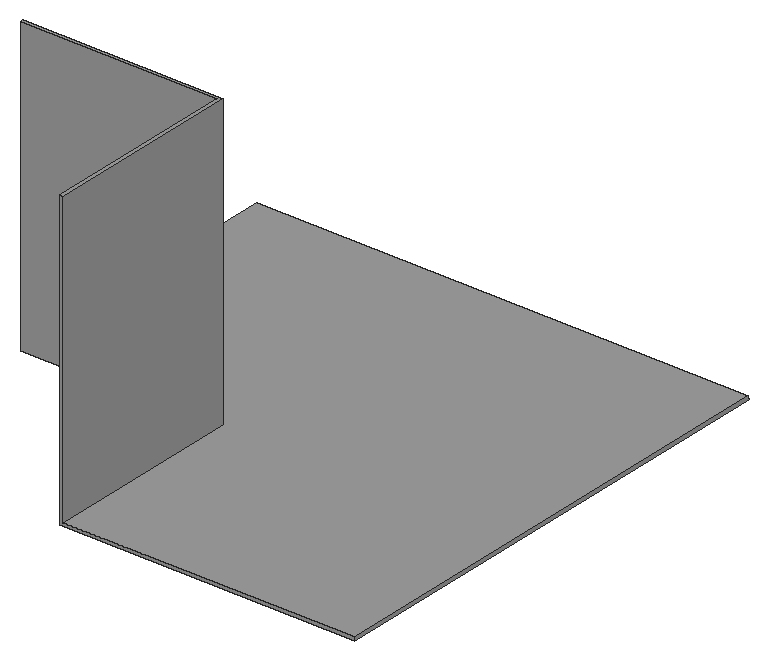
Revit family "Flashing_Preformed_Hyload_Outside90", category Generic Models, Revit 2014
Parameters (values of type "As Specified")
  Unit Width = 0' - 10"
  Unit Height = 0' - 6"
  Unit Depth = 0' - 6"
  URL = "http://www.hyload.com/"
  Thickness = 0' - 0 1/16"
  Specification = "http://www.arcat.com/sdspecs/htm04/07_65_00hyl.htm"
  Sales Information = "http://www.hyload.com/contact-us"
  Revision = "R1_12-2015"
  Product Properties = "http://www.hyload.com/masonry-flashing/preformed-shapes/"
  Product Data = "http://www.arcat.com/arcatcos/cos33/arc33176.html"
  Model = "Outside Corner (90)"
  Manufacturer Website = "http://www.hyload.com/"
  Manufacturer Phone - Toll Free = "800-457-4056"
  Manufacturer Phone = "330-769-3546"
  Manufacturer Fax = "330-769-4153"
  Manufacturer Address = "5020 Panther Pkwy., Seville, OH 44273"
  Manufacturer = "Hyload"
  Keynote = "07 65 00"
  Flashing Material = Hyload Flashing Membrane - Grey
  Drawn By = "Robert S. Weygant / Sumex Design"
  Description = "Preformed Hyload Masonry Flashing - Outside Corner (90)"
  Copyright = "(c) ARCAT, Inc, 2015"
  Construction Details = "http://www.arcat.com/details/hyload/hyload.html?coid=33176"
  Assembly Code = "B3010400"
Reference planes (in)
  plane 1 "Center (Front/Back)": y = 0
  plane 2: z = 0
  plane 3 "Center (Left/Right)": x = 0
  plane 4: y = 6
  plane 5: x = 6
  plane 6: z = 6
  plane 7: y = -4
  plane 8: x = -4
Forms (in)
  Sweep 1, solid, material "Hyload Flashing Membrane - Grey" <- "Flashing Material"
    path origin (0, 0, 0) x (1, 0, 0) y (0, 1, 0)
      loop
        line (0, -4) -> (0, 0) -> (-4, 0)
    profile origin (0, -2, 0) x (-1, 0, 0) y (0, 0, 1)
      loop
        line (0, 0) -> (0, 6) -> (-0.0625, 6) -> (-0.0625, 0.0625) -> (-6, 0.0625) -> (-6, 0) -> (0, 0)
Dimensions and locks (in)
  "Unit Depth": plane 1 "Center (Front/Back)" to plane 4
  "Unit Depth": plane 3 "Center (Left/Right)" to plane 5
  "Thickness": Sweep 1 sketch curve to plane 3 "Center (Left/Right)"
  "Thickness": Sweep 1 sketch curve to level
  "Unit Height": plane 6 to level
  "Unit Width": plane 8 to plane 5
  "Unit Width": plane 4 to plane 7
  aligned and locked: plane 2 to level
  aligned and locked: Sweep 1 sketch curve to plane 1 "Center (Front/Back)"
  aligned and locked: plane 3 "Center (Left/Right)" to Sweep 1 sketch curve
  aligned and locked: Sweep 1 sketch curve to level
  aligned and locked: plane 6 to Sweep 1 sketch curve
  aligned and locked: plane 8 to Sweep 1 sketch curve
  aligned and locked: plane 7 to Sweep 1 sketch curve
Automatic sketch dimensions
  Sweep 1 sketch curve to profile plane = 0' - 0"
  Sweep 1 sketch curve to Sweep 1 sketch curve = 0' - 5 15/16"
